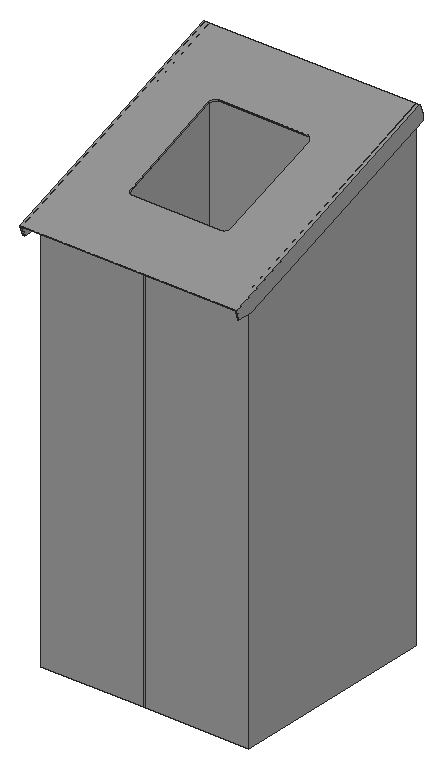
Revit family "Waste_Bin-Sloping_Lid-Servex-Bag_Arms-Rectangular-Magnuson_Group", category Furniture, Revit 2014
Parameters (values of type "SLP-01")
  Width = 16.875"
  URL = "www.magnusongroup.com"
  Type Comments = "SLOPE"
  Powder Coat Paint = Dark Anthracite
  Model = "SLP-01"
  Manufacturer = "Magnuson Group"  # constant formula
  Lid Type = Slope Lid_W : Lid_W
  Height = 38.000"
  Description = "38 gallon waste bin with simple top opening, integrated bag arms and non-skid glides"
  Depth = 18.125"
  Cost = 595
  Color/ Finish = "Body in Anodized Silver, Dark Anthracite or Lunar White. Top in Anodized Silver, Dark Anthracite, Lunar White, Capri Blue, Copper Brown, Fern Green or vinyl wrap"
Types (4): name | Model | Lid Type | Description | Cost
  (no name) | "SLP-01" | Slope Lid_W : Lid_W | "38 gallon waste bin with simple top opening, integrated bag arms and non-skid glides" | 595
  SLP-01 | "SLP-01" | Slope Lid_W : Lid_W | "38 gallon waste bin with simple top opening, integrated bag arms and non-skid glides" | 595
  SLP-01L-DBL | "SLP-01L-DBL" | Slope Lid_W-P : Lid_W-P | "38 gallon waste bin with double top opening. Internal rigid liners, integrated bag arms and non-skid glides" | 915
  SLP-01L | "SLP-01L" | Slope Lid_W : Lid_W | "38 gallon waste bin with simple top opening, internal rigid liner, integrated bag arms and non-skid glides" | 685
Reference planes (in)
  plane 1 "Center (Front/Back)": y = 0
  plane 2: z = 0
  plane 3 "Center (Left/Right)": x = 0
  plane 4: y = 9.0625
  plane 5: y = -9.0625
  plane 6: x = -8.4375
  plane 7: x = 8.4375
  plane 8: z = 38
  plane 9: y = -7.4625
  plane 10: y = 8.8625
  plane 11: x = 8.1175
  plane 12: x = -8.1175
  plane 13: x = -8.3475
  plane 14: x = 8.3475
  plane 15: through (0, 9.03249, 38.08244) normal (0, -0.342, 0.9397)
  plane 16: z = 0.035
  plane 17: x = 7.3175
  plane 18: y = -5.8625
  plane 19: y = 8.1625
  plane 20: x = -7.3175
  plane 21: z = 0.235
Forms (in)
  Extrusion 1, solid, material "Dark Anthracite" <- "Powder Coat Paint"
    sketch origin (0, 0, 0) x (1, 0, 0) y (0, 1, 0)
      loop
        line (-8.1175, 8.8625) -> (-8.1175, -7.4625) -> (-0.1, -7.4625) -> (-0.1, -7.38717) -> (0.1, -7.38717) -> (0.1, -7.4625) -> (8.1175, -7.4625) -> (8.1175, 8.8625) -> (-8.1175, 8.8625)
      loop
        line (-8.0175, 8.7625) -> (-8.0175, -7.3625) -> (-0.2, -7.3625) -> (-0.2, -7.28717) -> (0.2, -7.28717) -> (0.2, -7.3625) -> (8.0175, -7.3625) -> (8.0175, 8.7625) -> (-8.0175, 8.7625)
    from 0.035 to 40.23328
  Extrusion 2, void
    sketch origin (0, 0, 0) x (0, 1, 0) y (0, 0, 1)
      loop
        line (10.63212, 41.9351) -> (-9.0625, 41.9351) -> (-9.0625, 31.40304) -> (10.63212, 38.57129) -> (10.63212, 41.9351)
    from -10.29886 to 12
  Extrusion 3, solid, material "Dark Anthracite" <- "Powder Coat Paint"
    sketch origin (0, 0, 0) x (1, 0, 0) y (0, 1, 0)
      loop
        circle (7.3175, -5.8625) r 0.25
      loop
        circle (7.3175, 8.1625) r 0.25
      loop
        circle (-7.3175, -5.8625) r 0.25
      loop
        circle (-7.3175, 8.1625) r 0.25
    from 0 to 0.035
  Extrusion 4, solid, material "Dark Anthracite" <- "Powder Coat Paint"
    sketch origin (0, 0, 0) x (1, 0, 0) y (0, 1, 0)
      loop
        line (-8.0175, 8.7625) -> (-8.0175, -7.3625) -> (8.0175, -7.3625) -> (8.0175, 8.7625) -> (-8.0175, 8.7625)
    from 0.035 to 0.235
Cuts and joins
  Extrusion 2 cuts Extrusion 1
Lines and regions (in)
  symbolic lines, style "FurnitureHiddenLines", detail levels medium+fine
    curve 1: line (-8.1175, 8.8625, 0) -> (8.1175, 8.8625, 0)
    curve 2: line (-8.1175, -7.4625, 0) -> (-8.1175, 8.8625, 0)
    curve 3: line (8.1175, -7.4625, 0) -> (-8.1175, -7.4625, 0)
    curve 4: line (8.1175, 8.8625, 0) -> (8.1175, -7.4625, 0)
Dimensions and locks (in)
  equal spacing: plane 6, plane 3 "Center (Left/Right)", plane 7
  equal spacing: plane 4, plane 1 "Center (Front/Back)", plane 5
  "Depth": plane 5 to plane 4
  "Width": plane 6 to plane 7
  "Height": plane 8 to plane 2
  plane 9 to plane 5 = 1.600"
  plane 4 to plane 10 = 0.200"
  plane 11 to plane 7 = 0.320"
  plane 6 to plane 12 = 0.320"
  plane 13 to plane 6 = 0.090"
  plane 16 to plane 2 = 0.035"
  plane 17 to plane 11 = 0.800"
  aligned and locked: level to plane 2
  aligned and locked: plane 6 to nested 1
  aligned and locked: plane 4 to nested 1
Automatic sketch dimensions
  Extrusion 2 sketch curve to plane 5 = 0.000"
  plane 8 to Extrusion 2 sketch curve = 0.57129"
  plane 4 to Extrusion 2 sketch curve = 1.56962"
  Extrusion 2 sketch curve to plane 8 = 6.59696"
  plane 8 to Extrusion 2 sketch curve = 3.9351"
  Extrusion 3 sketch curve to plane 18 = 0.000"  (x2)
  Extrusion 3 sketch curve to plane 20 = 0.000"  (x2)
  Extrusion 3 sketch curve to plane 19 = 0.000"  (x2)
  Extrusion 3 sketch curve to plane 17 = 0.000"  (x2)
  Extrusion 1 sketch curve to plane 10 = 0.000"
  Extrusion 1 sketch curve to plane 12 = 0.000"
  Extrusion 1 sketch curve to plane 9 = 0.000"  (x2)
  Extrusion 1 sketch curve to plane 11 = 0.000"
  Extrusion 1 sketch curve to plane 12 = 0.100"
  Extrusion 1 sketch curve to plane 3 "Center (Left/Right)" = 0.100"
  plane 3 "Center (Left/Right)" to Extrusion 1 sketch curve = 0.100"
  plane 11 to Extrusion 1 sketch curve = 0.100"
  plane 9 to Extrusion 1 sketch curve = 0.100"  (x2)
  Extrusion 1 sketch curve to plane 10 = 0.100"
  plane 9 to Extrusion 1 sketch curve = 0.07533"
  Extrusion 1 sketch curve to Extrusion 1 sketch curve = 0.100"  (x3)
  curve 3 to plane 9 = 0.000"
  curve 3 to plane 12 = 0.000"
  curve 3 to plane 11 = 0.000"
  curve 2 to plane 10 = 0.000"
  Extrusion 4 sketch curve to plane 12 = 0.100"
  plane 11 to Extrusion 4 sketch curve = 0.100"
  plane 9 to Extrusion 4 sketch curve = 0.100"
  Extrusion 4 sketch curve to plane 10 = 0.100"
  radius of Extrusion 3 sketch curve = 0.250"  (x4)
Nested families (in)
  nested 1: "Slope Lid_W" at (0, 0, 0), type <- "Lid Type", type "Lid_W"
Definition of nested family "Slope Lid_W"
  Parameters (values of type "Lid_W")
    Width = 16.875"
    Powder Coat Paint = Dark Anthracite
    Height = 38.000"
    Depth = 18.125"
  Reference planes (in)
    plane 1 "Center (Front/Back)": y = 0
    plane 2: z = 0
    plane 3 "Center (Left/Right)": x = 0
    plane 4: y = 9.0625
    plane 5: y = -9.0625
    plane 6: x = -8.4375
    plane 7: x = 8.4375
    plane 8: z = 38
    plane 9: y = -7.4625
    plane 10: y = 8.8625
    plane 11: x = 8.1175
    plane 12: x = -8.1175
    plane 13: x = -8.3475
    plane 14: x = 8.3475
    plane 15: through (0, 9.03249, 38.08244) normal (0, -0.342, 0.9397)
    plane 16: x = 17.81768
    plane 17: x = 27.94268
    plane 18: x = 22.88018
    plane 19: x = 3.938
    plane 20: x = -3.938
  Forms (in)
    Extrusion 1, solid, material "Dark Anthracite" <- "Powder Coat Paint"
      sketch origin (0, 0, 0) x (0, 1, 0) y (0, 0, 1)
        loop
          line (8.80598, 38) -> (-9.09251, 31.48548) -> (-8.80598, 30.69827) -> (-7.67369, 30.69827) -> (9.0625, 36.78975) -> (9.0625, 37.29523) -> (8.80598, 38)
      from 8.3475 to 8.4375
    Extrusion 2, solid, material "Dark Anthracite" <- "Powder Coat Paint"
      sketch origin (0, 0, 0) x (0, 1, 0) y (0, 0, 1)
        loop
          line (8.80598, 38) -> (-9.09251, 31.48548) -> (-8.80598, 30.69827) -> (-7.67369, 30.69827) -> (9.0625, 36.78975) -> (9.0625, 37.29523) -> (8.80598, 38)
      from -8.4375 to -8.3475
    Extrusion 3, solid, material "Dark Anthracite" <- "Powder Coat Paint"
      sketch origin (0, 0, 0) x (0, 1, 0) y (0, 0, 1)
        loop
          line (8.83599, 37.91756) -> (8.80598, 38) -> (-9.09251, 31.48548) -> (-9.0625, 31.40304) -> (8.83599, 37.91756)
      from -8.3475 to 8.3475
    Extrusion 4, void
      sketch origin (0, 9.03249, 38.08244) x (0, -0.939693, -0.34202) y (-1, 0, 0)
        loop
          line (5.30405, 3.438) -> (5.30405, -3.438)
          arc (5.30405, -3.438) -> (5.45049, -3.79155) -> (5.80405, -3.938) r 0.5
          line (5.80405, -3.938) -> (13.72522, -3.938)
          arc (13.72522, -3.938) -> (14.07878, -3.79155) -> (14.22522, -3.438) r 0.5
          line (14.22522, -3.438) -> (14.22522, 3.438)
          arc (14.22522, 3.438) -> (14.07878, 3.79155) -> (13.72522, 3.938) r 0.5
          line (13.72522, 3.938) -> (5.80405, 3.938)
          arc (5.80405, 3.938) -> (5.45049, 3.79155) -> (5.30405, 3.438) r 0.5
      from 0 to 0.08773
  Cuts and joins
    Extrusion 4 cuts Extrusion 1
    Extrusion 4 cuts Extrusion 2
    Extrusion 4 cuts Extrusion 3
    joined: Extrusion 1, Extrusion 2, Extrusion 3
  Lines and regions (in)
    symbolic lines
      curve 1: line (-8.3475, 8.83599, 0) -> (-8.3475, 9.0625, 0)
      curve 2: line (-8.3475, 9.0625, 0) -> (-8.4375, 9.0625, 0)
      curve 3: line (-8.4375, 9.0625, 0) -> (-8.4375, -9.09251, 0)
      curve 4: line (-8.4375, -9.09251, 0) -> (8.4375, -9.09251, 0)
      curve 5: line (8.4375, -9.09251, 0) -> (8.4375, 9.0625, 0)
      curve 6: line (8.4375, 9.0625, 0) -> (8.3475, 9.0625, 0)
      curve 7: line (8.3475, 9.0625, 0) -> (8.3475, 8.83599, 0)
      curve 8: line (8.3475, 8.83599, 0) -> (-8.3475, 8.83599, 0)
      curve 9: line (-3.938, 3.57847, 0) -> (-3.938, -3.865, 0)
      curve 10: arc (-3.938, -3.865, 0) -> (-3.78961, -4.20805, 0) -> (-3.438, -4.33484, 0) r 0.47076
      curve 11: line (-3.438, -4.33484, 0) -> (3.438, -4.33484, 0)
      curve 12: arc (3.438, -4.33484, 0) -> (3.7915, -4.18845, 0) -> (3.938, -3.83499, 0) r 0.5
      curve 13: line (3.938, -3.83499, 0) -> (3.938, 3.60848, 0)
      curve 14: arc (3.938, 3.60848, 0) -> (3.78961, 3.95154, 0) -> (3.438, 4.07833, 0) r 0.47076
      curve 15: line (3.438, 4.07833, 0) -> (-3.438, 4.07833, 0)
      curve 16: arc (-3.438, 4.07833, 0) -> (-3.78106, 3.94243, 0) -> (-3.938, 3.60848, 0) r 0.50097
  Dimensions and locks (in)
    equal spacing: plane 6, plane 3 "Center (Left/Right)", plane 7
    equal spacing: plane 4, plane 1 "Center (Front/Back)", plane 5
    "Depth": plane 5 to plane 4
    "Width": plane 6 to plane 7
    "Height": plane 8 to plane 2
    plane 9 to plane 5 = 1.600"
    plane 4 to plane 10 = 0.200"
    plane 11 to plane 7 = 0.320"
    plane 6 to plane 12 = 0.320"
    plane 13 to plane 6 = 0.090"
    plane 16 to plane 17 = 10.125"
    plane 16 to plane 18 to plane 17 = 5.0625", 5.0625"
    aligned and locked: level to plane 2
  Automatic sketch dimensions
    plane 5 to Extrusion 1 sketch curve = 0.03001"
    Extrusion 1 sketch curve to plane 8 = 0.000"
    plane 4 to Extrusion 1 sketch curve = 0.000"
    Extrusion 1 sketch curve to plane 9 = 0.21119"
    Extrusion 1 sketch curve to Extrusion 1 sketch curve = 0.28652"
    Extrusion 2 sketch curve to plane 8 = 0.000"
    Extrusion 2 sketch curve to plane 4 = 0.000"
    Extrusion 2 sketch curve to plane 4 = 0.25652"
    Extrusion 2 sketch curve to plane 9 = 0.21119"
    Extrusion 2 sketch curve to plane 5 = 0.25652"
    plane 5 to Extrusion 2 sketch curve = 0.03001"
    Extrusion 2 sketch curve to Extrusion 2 sketch curve = 0.70477"
    Extrusion 2 sketch curve to Extrusion 2 sketch curve = 0.50548"
    Extrusion 3 sketch curve to plane 8 = 0.000"
    Extrusion 3 sketch curve to plane 8 = 0.08244"
    plane 5 to Extrusion 3 sketch curve = 0.03001"
    Extrusion 3 sketch curve to plane 5 = 0.000"
    Extrusion 1 sketch curve to plane 4 = 0.25652"
    Extrusion 3 sketch curve to plane 10 = 0.05652"
    Extrusion 1 sketch curve to plane 15 = 0.000"
    Extrusion 1 sketch curve to Extrusion 1 sketch curve = 0.50548"
    Extrusion 4 sketch curve to plane 19 = 0.000"
    Extrusion 4 sketch curve to plane 20 = 0.000"
    plane 20 to Extrusion 4 sketch curve = 0.500"  (x2)
    Extrusion 4 sketch curve to Extrusion 4 sketch curve = 0.500"  (x2)
    Extrusion 4 sketch curve to Extrusion 4 sketch curve = 7.92118"
    curve 3 to plane 6 = 0.000"
    curve 2 to plane 4 = 0.000"
    curve 2 to plane 13 = 0.000"
    curve 9 to plane 20 = 0.000"
    curve 16 to plane 20 = 0.000"
    curve 12 to plane 19 = 0.000"
    curve 7 to plane 14 = 0.000"
    curve 5 to plane 4 = 0.000"
    curve 5 to plane 7 = 0.000"
    plane 20 to curve 10 = 0.47076"
    plane 20 to curve 16 = 0.500"
    curve 10 to curve 11 = 0.02924"
    curve 12 to plane 19 = 0.500"
    curve 15 to plane 19 = 0.500"
    curve 14 to curve 13 = 0.47076"
    curve 1 to plane 10 = 0.02651"
    curve 15 to plane 1 "Center (Front/Back)" = 4.07833"
    curve 16 to curve 15 = 0.50097"
    plane 9 to curve 12 = 3.62766"
    curve 13 to curve 12 = 0.00015"
    plane 5 to curve 3 = 0.03001"
    curve 9 to curve 16 = 0.03001"
